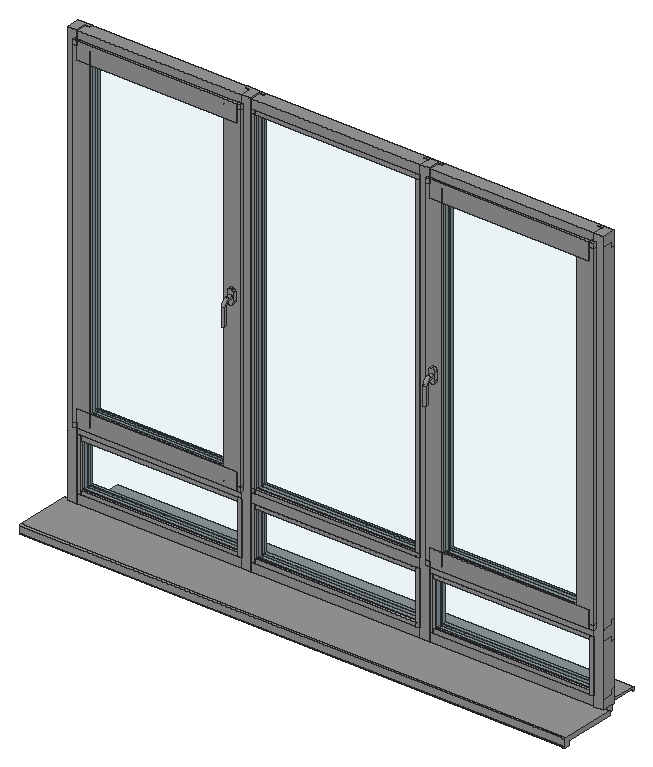
Revit family "deceuninck_okonniy_blok_trehstvorchatiy_s_nijnimi_framugami", category Окна, Revit 2016
Family settings
  Основа = Стена
  Номер OmniClass = 23.30.20.00
  Заголовок OmniClass = Windows
  Всегда вертикально = Да
  При загрузке вырезать с полостями = Нет
  Общий = Нет
  Точка расчета площади = Нет
Parameters (values of type "Энвин ЭКО-60")
  Ширина профиля = 60 mm
  Ширина проема [instance] = ADSK_Ширина рамы + Монтажный зазор.Левый + Монтажный зазор.Правый  # 2440 mm
  Шир прав створка [instance] = if(Одинковые створки, ADSK_Ширина рамы / 3, Створка правая.Ширина)  # 800 mm
  Шир лев створка [instance] = if(Одинковые створки, ADSK_Ширина рамы / 3, Створка левая.Ширина)  # 800 mm
  Четверть.Ширина [instance] = 65 mm
  Четверть.Правая [instance] = if(and(Четверть правая.Видимость, Четверть), Четверть.Ширина, 0 mm)  # 65 mm
  Четверть.Левая [instance] = if(and(Четверть левая.Видимость, Четверть), Четверть.Ширина, 0 mm)  # 65 mm
  Четверть.Глубина [instance] = 120 mm
  Четверть.Высота [instance] = 65 mm
  Четверть правая.Видимость [instance] = yes
  Четверть левая.Видимость [instance] = yes
  Четверть.Врхняя [instance] = if(Четверть, Четверть.Высота, 0 mm)  # 65 mm
  Четверть [instance] = yes
  Цвет профиля = ""
  Фрамуга нижняя.Высота [instance] = ADSK_Высота рамы - Створка.Высота  # 300 mm
  Формула стеклопакета = ""
  Толщина стеклопакета = "32"
  Стеклопакет.Толщина = 32 mm
  Створка.Высота [instance] = 1600 mm
  Створка центральная [instance] = stvorka : Глухая
  Створка правая.Ширина [instance] = 800 mm
  Створка правая [instance] = stvorka : Поворотная право
  Створка центральная.Ширина [instance] = ADSK_Ширина рамы - Шир прав створка - Шир лев створка  # 800 mm
  Створка левая.Ширина [instance] = 800 mm
  Створка левая [instance] = stvorka : Поворотная лево
  Система фурнитуры [instance] = ""
  Расчетное значение ветровой нагрузки [instance] = 400
  Рама.Окно.Ширина [instance] = 2400 mm
  Рама.Окно.Высота [instance] = 1900 mm
  Профильная система = "Энвин ЭКО 60"
  Проем.Окно.Ширина [instance] = 2440 mm
  Проем.Окно.Высота [instance] = 1955 mm
  Приточный клапан [instance] = no
  Watermarked By = ""
  Rough Width = 0 mm  # constant formula
  Rough Height = 0 mm  # constant formula
  Подоконник.Глубина [instance] = 0 mm
  Подоконник. Видимость [instance] = yes
  Подоконник [instance] = podokonnik : ПВХ 250
  Площаль элемента [instance] = ADSK_Ширина рамы * ADSK_Высота рамы / 1000000 mm  # 4.56 mm
  Отлив.Свес [instance] = 35 mm
  Отлив.Видимость [instance] = yes
  Откосы.Глубина [instance] = 310 mm
  Одинковые створки [instance] = no
  Огнестойкость = "Е-15"
  Наименование = "Окно 3-створчатое с фрамугами снизу Энвин ЭКО-60"
  Монтажный зазор.Спереди [instance] = 10 mm
  Монтажный зазор.Правый [instance] = if(Четверть правая.Видимость, Монтажный зазор.Боковой, 0 mm)  # 20 mm
  Монтажный зазор.Низ [instance] = 10 mm
  Монтажный зазор.Левый [instance] = if(Четверть левая.Видимость, Монтажный зазор.Боковой, 0 mm)  # 20 mm
  Монтажный зазор.Верх [instance] = 20 mm
  Монтажный зазор.Боковой = 20 mm
  Материал-Стеклопакет = none
  Материал-Рама = none
  Материал-Подоконник = ПВХ, белый
  Материал-Отлив = Лист оцинкованый, белый
  Класс профиля = "Тип В"
  Завод-изготовитель [instance] = "ООО Декёнинк Рус, Россия"  # constant formula
  ГОСТ = "ГОСТ 30673-2013"
  Высота профиля створки = 76 mm
  Высота профиля рамы = 62 mm
  Высота профиля имоста = 82 mm
  Высота проема [instance] = ADSK_Высота рамы + 25 mm + Монтажный зазор.Верх + Монтажный зазор.Низ  # 1955 mm
  Height = 1000 mm
  Высота подоконника по умолчанию = 800 mm
  Замыкание стены = По основе
  Width = 0 mm  # constant formula
  Артикул створки/армирование рстворки = "ZE 60D  /  AR1"
  Артикул рамы/армирование рамы = "LE 60D  /  AR1"
  Артикул импоста/армирование импоста = "TE 60D  /  20 x 35"
  Аналитическая конструкция = "<Нет>"
  λ краевой зоны стеклопакета = 0.0600 (m²·K)/W
  Rстеклопакета = 0.7600 (m²·K)/W
  Rпрофиля = 0.6800 (m²·K)/W
  Rпривед [instance] = 1 / (((Ширина профиля / 1000 mm) * (5.4 - 4 * (Ширина профиля / 1000 mm)) / (1.8 * Rпрофиля / Rед)) + ((1.2 - 2 * (Ширина профиля / 1000 mm)) * (1.5 - 2 * (Ширина профиля / 1000 mm)) / (1.8 * Rстеклопакета / Rед)) + (5.4 - 8 * (Ширина профиля / 1000 mm)) * (λ краевой зоны стеклопакета / Rед))  # 0.61064
  Rед = 1.0000 (m²·K)/W
  Iфактич [instance] = ""
  Iтреб [instance] = if(or(Шир лев створка > Шир прав створка, Шир лев створка = Шир прав створка), ((Расчетное значение ветровой нагрузки / 1000000) * ((ADSK_Высота рамы / 10) ^ 4) * (Шир лев створка / 20) / (1 mm * 1920 mm * 210000 mm * (ADSK_Высота рамы / 3000)) * (25 - (40 * ((Шир лев створка / ADSK_Высота рамы) ^ 2)) + (16 * ((Шир лев створка / ADSK_Высота рамы) ^ 4)))) + ((Расчетное значение ветровой нагрузки / 1000000) * ((ADSK_Высота рамы / 10) ^ 4) * (Створка центральная.Ширина / 20) / (1 mm * 1920 mm * 210000 mm * (ADSK_Высота рамы / 3000)) * (25 - (40 * ((Створка центральная.Ширина / ADSK_Высота рамы) ^ 2)) + (16 * ((Створка центральная.Ширина / ADSK_Высота рамы) ^ 4)))), ((Расчетное значение ветровой нагрузки / 1000000) * ((ADSK_Высота рамы / 10) ^ 4) * (Створка центральная.Ширина / 20) / (1 mm * 1920 mm * 210000 mm * (ADSK_Высота рамы / 3000)) * (25 - (40 * ((Створка центральная.Ширина / ADSK_Высота рамы) ^ 2)) + (16 * ((Створка центральная.Ширина / ADSK_Высота рамы) ^ 4)))) + ((Расчетное значение ветровой нагрузки / 1000000) * ((ADSK_Высота рамы / 10) ^ 4) * (Шир прав створка / 20) / (1 mm * 1920 mm * 210000 mm * (ADSK_Высота рамы / 3000)) * (25 - (40 * ((Шир прав створка / ADSK_Высота рамы) ^ 2)) + (16 * ((Шир прав створка / ADSK_Высота рамы) ^ 4)))))  # 3.007 mm
  ADSK_Ширина рамы [instance] = 2400 mm
  ADSK_Позиция [instance] = ""
  ADSK_Высота рамы [instance] = 1900 mm
Reference planes
  plane 1 "По центру (Вперед/Назад)": y = 0
  plane 2 "По центру (Влево/Вправо)": x = 0
  plane 3 "Подоконник": z = 800
  plane 4 "Наружный": y = 250
  plane 5 "Внутренние": y = -250
  plane 6: x = -1220
  plane 7: x = 1220
  plane 8: x = -1155
  plane 9: x = 1155
  plane 10: y = 130
  plane 11: z = 2700
  plane 12: x = -1200
  plane 13: x = 1200
  plane 14: z = 775
  plane 15: z = 2720
  plane 16: z = 765
  plane 17: z = 2655
  plane 18: y = 120
  plane 19: y = 60
  plane 20: x = -1138
  plane 21: x = 1138
  plane 22: z = 2638
  plane 23: z = 862
  plane 24: x = 400
  plane 25: x = 359
  plane 26: x = 441
  plane 27: y = 107
  plane 28: y = 70
  plane 29: y = 450
  plane 30: x = -400
  plane 31: x = -441
  plane 32: x = -359
  plane 33: z = 1100
Forms (mm)
  Extrusion 1, void
    sketch origin (0, -250, 0) x (1, 0, 0) y (0, 0, 1)
      loop
        line (-1220, 2720) -> (-1220, 765) -> (1220, 765) -> (1220, 2720) -> (-1220, 2720)
    from 0 to -380
  Extrusion 2, void
    sketch origin (-2200.521, 130, 1000) x (1, 0, 0) y (0, 0, 1)
      loop
        line (1045.521, 1655) -> (1045.521, -235) -> (3355.521, -235) -> (3355.521, 1655) -> (1045.521, 1655)
    from 0 to -320
  Extrusion 3, solid, material <- "Материал-Рама", detail levels fine
    sketch origin (0, 0, 800) x (0, -1, 0) y (-1, 0, 0)
      loop
        line (-120, 1200) -> (-120, 1138) -> (-107, 1138) -> (-107, 1158) -> (-60, 1158) -> (-60, 1200) -> (-120, 1200)
      loop
        line (-120, -1138) -> (-120, -1200) -> (-60, -1200) -> (-60, -1158) -> (-107, -1158) -> (-107, -1138) -> (-120, -1138)
    from 0 to -1900
  Extrusion 4, solid, material <- "Материал-Рама", detail levels fine
    sketch origin (-750, 0, 0) x (0, -1, 0) y (0, 0, 1)
      loop
        line (-60, 800) -> (-60, 842) -> (-107, 842) -> (-107, 862) -> (-120, 862) -> (-120, 800) -> (-60, 800)
      loop
        line (-60, 2658) -> (-60, 2700) -> (-120, 2700) -> (-120, 2638) -> (-107, 2638) -> (-107, 2658) -> (-60, 2658)
    from 450 to -1950
  Extrusion 5, solid, material <- "Материал-Рама", detail levels fine
    sketch origin (0, 0, 800) x (0, -1, 0) y (-1, 0, 0)
      loop
        line (-120, -359) -> (-120, -441) -> (-107, -441) -> (-107, -421) -> (-60, -421) -> (-60, -379) -> (-107, -379) -> (-107, -359) -> (-120, -359)
    from 0 to -1900
  Extrusion 6, solid, material <- "Материал-Рама"
    sketch origin (-233.865, 107, 2257) x (0, 0, 1) y (-1, 0, 0)
      loop
        line (-1457, 966.135) -> (-1482, 966.135) -> (-1482, -1433.865) -> (-1457, -1433.865) -> (-1457, 966.135)
    from 0 to 37
  Extrusion 7, solid, material "Лист оцинкованый, белый" <- "Материал-Отлив", visible <- "Отлив.Видимость", detail levels fine
    sketch origin (1155, 531.754, 1000) x (0, 1, 0) y (0, 0, 1)
      loop
        line (-424.754, -225) -> (-251.754, -225) -> (-251.754, -235) -> (-246.754, -235) -> (-246.754, -220) -> (-424.754, -215) -> (-424.754, -225)
    from 0 to -2310
  Extrusion 8, solid, detail levels medium
    sketch origin (0, 0, 800) x (0, -1, 0) y (-1, 0, 0)
      loop
        line (-120, 1200) -> (-120, 1138) -> (-60, 1138) -> (-60, 1200) -> (-120, 1200)
      loop
        line (-120, -1200) -> (-60, -1200) -> (-60, -1138) -> (-120, -1138) -> (-120, -1200)
    from 0 to -1900
  Extrusion 9, solid, detail levels medium
    sketch origin (-750, 0, 0) x (0, -1, 0) y (0, 0, 1)
      loop
        line (-120, 2700) -> (-120, 2638) -> (-60, 2638) -> (-60, 2700) -> (-120, 2700)
      loop
        line (-60, 800) -> (-60, 862) -> (-120, 862) -> (-120, 800) -> (-60, 800)
    from -1950 to 450
  Extrusion 10, solid, detail levels coarse
    sketch origin (-750, 0, 0) x (0, -1, 0) y (0, 0, 1)
      loop
        line (-120, 2590) -> (-47, 2590) -> (-47, 2700) -> (-120, 2700) -> (-120, 2590)
      loop
        line (-47, 800) -> (-47, 911) -> (-120, 911) -> (-120, 800) -> (-47, 800)
      loop
        line (-47, 1189) -> (-120, 1189) -> (-120, 1011) -> (-47, 1011) -> (-47, 1189)
    from -1950 to 450
  Extrusion 11, solid, detail levels medium
    sketch origin (0, 0, 800) x (0, -1, 0) y (-1, 0, 0)
      loop
        line (-120, -379) -> (-120, -421) -> (-60, -421) -> (-60, -379) -> (-120, -379)
    from 0 to -1900
  Extrusion 12, solid, detail levels fine
    sketch origin (0, 0, 800) x (0, -1, 0) y (-1, 0, 0)
      loop
        line (-120, 441) -> (-120, 359) -> (-107, 359) -> (-107, 379) -> (-60, 379) -> (-60, 421) -> (-107, 421) -> (-107, 441) -> (-120, 441)
    from 0 to -1900
  Extrusion 13, solid, detail levels medium
    sketch origin (0, 0, 0) x (1, 0, 0) y (0, 1, 0)
      loop
        line (-421, 120) -> (-421, 60) -> (-379, 60) -> (-379, 120) -> (-421, 120)
    from 800 to 2700
  Extrusion 14, solid, detail levels coarse
    sketch origin (0, 0, 0) x (1, 0, 0) y (0, 1, 0)
      loop
        line (310, 120) -> (310, 47) -> (490, 47) -> (490, 120) -> (310, 120)
    from 800 to 2700
  Extrusion 15, solid, detail levels coarse
    sketch origin (0, 0, 0) x (1, 0, 0) y (0, 1, 0)
      loop
        line (-490, 120) -> (-490, 47) -> (-310, 47) -> (-310, 120) -> (-490, 120)
    from 800 to 2700
  Extrusion 16, solid, detail levels coarse
    sketch origin (0, 0, 0) x (1, 0, 0) y (0, 1, 0)
      loop
        line (-1200, 120) -> (-1200, 47) -> (-1089, 47) -> (-1089, 120) -> (-1200, 120)
      loop
        line (1089, 120) -> (1089, 47) -> (1200, 47) -> (1200, 120) -> (1089, 120)
    from 800 to 2700
  Extrusion 17, solid, detail levels medium+fine
    sketch origin (0, 0, 0) x (0, -1, 0) y (0, 0, 1)
      loop
        line (-120, 1059) -> (-107, 1059) -> (-107, 1079) -> (-60, 1079) -> (-60, 1121) -> (-107, 1121) -> (-107, 1141) -> (-120, 1141) -> (-120, 1059)
    from -1200 to 1200
  Extrusion 18, solid, detail levels medium
    sketch origin (-750, 0, 0) x (0, -1, 0) y (0, 0, 1)
      loop
        line (-60, 1121) -> (-120, 1121) -> (-120, 1079) -> (-60, 1079) -> (-60, 1121)
    from -1950 to 450
Lines and regions (mm)
  symbolic lines, style "Windows"
    curve 1: line (-1200, 130, 0) -> (1200, 130, 0)
Text (mm)
  text "Наружный" at (0, 923.751, 2943.296), in view "Справа"
  text "Наружный" at (0, 1040.484, 2685.409), in view "Слева"
Dimensions and locks
  "Высота подоконника по умолчанию": plane 3 "Подоконник" to level
  locked: plane 4 "Наружный" to host wall at 0
  locked: plane 5 "Внутренние" to host wall
  "Четверть.Глубина": plane 10 to plane 4 "Наружный"
  "ADSK_Высота рамы": plane 11 to plane 3 "Подоконник"
  "Монтажный зазор.Верх": plane 15 to plane 11
  locked: plane 3 "Подоконник" to plane 14 at 25
  "Монтажный зазор.Низ": plane 14 to plane 16
  "Четверть.Врхняя": plane 15 to plane 17
  equal spacing: plane 13, plane 2 "По центру (Влево/Вправо)", plane 12
  "ADSK_Ширина рамы": plane 13 to plane 12
  "Четверть.Левая": plane 8 to plane 6
  "Четверть.Правая": plane 7 to plane 9
  "Монтажный зазор.Левый": plane 12 to plane 6
  "Монтажный зазор.Правый": plane 13 to plane 7
  "Монтажный зазор.Спереди": plane 10 to plane 18
  "Ширина профиля": plane 18 to plane 19
  "Высота профиля рамы": plane 12 to plane 20
  locked: Extrusion 3 sketch curve to Extrusion 3 sketch curve at 13  (x2)
  locked: Extrusion 3 sketch curve to Extrusion 3 sketch curve at 20  (x2)
  "Высота профиля рамы": plane 21 to plane 13
  "Высота профиля рамы": plane 11 to plane 22
  "Высота профиля рамы": plane 3 "Подоконник" to plane 23
  locked: Extrusion 4 sketch curve to Extrusion 4 sketch curve at 13  (x2)
  locked: Extrusion 4 sketch curve to Extrusion 4 sketch curve at 20  (x2)
  equal spacing: plane 25, plane 24, plane 26
  "Высота профиля имоста": plane 25 to plane 26
  locked: Extrusion 5 sketch curve to plane 26 at 20
  locked: plane 25 to Extrusion 5 sketch curve at 20
  locked: plane 18 to plane 27 at 13
  locked: plane 28 to plane 19 at 10
  locked: Extrusion 7 sketch curve to Extrusion 7 sketch curve at 5  (x2)
  locked: Extrusion 7 sketch curve to Extrusion 7 sketch curve at 10
  "Отлив.Свес": Extrusion 7 to plane 4 "Наружный"
  locked: plane 4 "Наружный" to plane 29 at 200
  "Шир лев створка": plane 30 to plane 12
  equal spacing: plane 31, plane 30, plane 32
  "Высота профиля имоста": plane 31 to plane 32
  locked: Extrusion 12 sketch curve to Extrusion 12 sketch curve at 20  (x2)
  "Шир прав створка": plane 24 to plane 13
  "Откосы.Глубина": plane 19 to plane 5 "Внутренние"
  locked: Extrusion 17 sketch curve to Extrusion 17 sketch curve at 20  (x2)
  "Высота профиля имоста": Extrusion 17 sketch curve to Extrusion 17 sketch curve
  equal spacing: Extrusion 17 sketch curve, plane 33, Extrusion 17 sketch curve
  "Створка.Высота": plane 11 to plane 33
  "Проем.Окно.Высота": plane 15 to plane 16
  "Рама.Окно.Высота": plane 11 to plane 3 "Подоконник"
  "Проем.Окно.Ширина": plane 7 to plane 6
  "Рама.Окно.Ширина": plane 12 to plane 13
  aligned and locked: Extrusion 1 sketch curve to plane 15
  aligned and locked: Extrusion 1 sketch curve to plane 6
  aligned and locked: Extrusion 1 sketch curve to plane 7
  aligned and locked: Extrusion 1 sketch curve to plane 16
  aligned and locked: plane 10 to Extrusion 1
  aligned and locked: Extrusion 2 sketch curve to plane 17
  aligned and locked: Extrusion 2 sketch curve to plane 8
  aligned and locked: Extrusion 2 sketch curve to plane 9
  aligned and locked: Extrusion 2 sketch curve to plane 16
  aligned and locked: Extrusion 3 sketch curve to plane 18
  aligned and locked: Extrusion 3 sketch curve to plane 19
  aligned and locked: Extrusion 3 sketch curve to plane 20
  aligned and locked: Extrusion 3 sketch curve to plane 12
  aligned and locked: plane 18 to Extrusion 3 sketch curve
  aligned and locked: plane 19 to Extrusion 3 sketch curve
  aligned and locked: Extrusion 3 sketch curve to plane 13
  aligned and locked: Extrusion 3 sketch curve to plane 21
  aligned and locked: plane 11 to Extrusion 3
  aligned and locked: Extrusion 4 sketch curve to plane 19  (x2)
  aligned and locked: Extrusion 4 sketch curve to plane 18  (x2)
  aligned and locked: Extrusion 4 sketch curve to plane 23
  aligned and locked: Extrusion 4 sketch curve to plane 3 "Подоконник"
  aligned and locked: Extrusion 4 sketch curve to plane 22
  aligned and locked: Extrusion 4 sketch curve to plane 11
  aligned and locked: Extrusion 4 to plane 13
  aligned and locked: Extrusion 4 to plane 12
  aligned and locked: Extrusion 5 sketch curve to plane 18
  aligned and locked: Extrusion 5 sketch curve to plane 19
  aligned and locked: plane 11 to Extrusion 5
  aligned and locked: Extrusion 6 sketch curve to plane 12
  aligned and locked: Extrusion 6 sketch curve to plane 3 "Подоконник"
  aligned and locked: Extrusion 6 sketch curve to plane 14
  aligned and locked: plane 13 to Extrusion 6 sketch curve
  aligned and locked: plane 28 to Extrusion 6
  aligned and locked: nested 1 to plane 3 "Подоконник"
  aligned and locked: plane 28 to nested 1
  aligned and locked: nested 1 to plane 2 "По центру (Влево/Вправо)"
  aligned and locked: plane 14 to Extrusion 7 sketch curve
  aligned and locked: Extrusion 7 to plane 8
  aligned and locked: plane 27 to Extrusion 7 sketch curve
  aligned and locked: plane 29 to Extrusion 2
  aligned and locked: curve 1 to plane 10
  aligned and locked: plane 11 to Extrusion 8
  aligned and locked: Extrusion 9 sketch curve to plane 11
  aligned and locked: Extrusion 9 sketch curve to plane 22
  aligned and locked: Extrusion 9 sketch curve to plane 19  (x2)
  aligned and locked: Extrusion 9 sketch curve to plane 18  (x2)
  aligned and locked: Extrusion 9 sketch curve to plane 3 "Подоконник"
  aligned and locked: Extrusion 9 sketch curve to plane 23
  aligned and locked: Extrusion 9 to plane 13
  aligned and locked: Extrusion 8 sketch curve to plane 20
  aligned and locked: Extrusion 8 sketch curve to plane 19  (x2)
  aligned and locked: Extrusion 8 sketch curve to plane 12
  aligned and locked: plane 13 to Extrusion 8 sketch curve
  aligned and locked: plane 21 to Extrusion 8 sketch curve
  aligned and locked: Extrusion 10 sketch curve to plane 18  (x2)
  aligned and locked: Extrusion 10 sketch curve to plane 11
  aligned and locked: Extrusion 10 sketch curve to plane 3 "Подоконник"
  aligned and locked: Extrusion 10 to plane 13
  aligned and locked: Extrusion 8 sketch curve to plane 18  (x2)
  aligned and locked: Extrusion 11 sketch curve to Extrusion 5  (x3)
  aligned and locked: plane 11 to Extrusion 11
  aligned and locked: Extrusion 10 to plane 12
  aligned and locked: Extrusion 9 to plane 12
  aligned and locked: Extrusion 12 sketch curve to plane 18
  aligned and locked: Extrusion 12 sketch curve to plane 19
  aligned and locked: Extrusion 12 sketch curve to plane 32
  aligned and locked: Extrusion 12 sketch curve to plane 31
  aligned and locked: Extrusion 12 sketch curve to plane 27  (x2)
  aligned and locked: plane 3 "Подоконник" to Extrusion 12
  aligned and locked: plane 3 "Подоконник" to Extrusion 5
  aligned and locked: plane 11 to Extrusion 12
  aligned and locked: Extrusion 13 sketch curve to Extrusion 12  (x3)
  aligned and locked: Extrusion 12 to Extrusion 13 sketch curve
  aligned and locked: plane 11 to Extrusion 13
  aligned and locked: plane 3 "Подоконник" to Extrusion 13
  aligned and locked: Extrusion 14 sketch curve to plane 18
  aligned and locked: Extrusion 10 to Extrusion 14 sketch curve
  aligned and locked: Extrusion 10 to Extrusion 15 sketch curve
  aligned and locked: Extrusion 15 sketch curve to plane 18
  aligned and locked: plane 11 to Extrusion 15
  aligned and locked: plane 3 "Подоконник" to Extrusion 15
  aligned and locked: plane 3 "Подоконник" to Extrusion 14
  aligned and locked: plane 11 to Extrusion 14
  aligned and locked: Extrusion 16 sketch curve to plane 12
  aligned and locked: Extrusion 16 sketch curve to plane 18  (x2)
  aligned and locked: Extrusion 16 sketch curve to Extrusion 10
  aligned and locked: Extrusion 10 to Extrusion 16 sketch curve
  aligned and locked: plane 13 to Extrusion 16 sketch curve
  aligned and locked: plane 11 to Extrusion 16
  aligned and locked: plane 3 "Подоконник" to Extrusion 16
  aligned and locked: plane 27 to nested 2
  aligned and locked: Extrusion 3 to nested 2
  aligned and locked: nested 2 to Extrusion 13
  aligned and locked: plane 27 to nested 3
  aligned and locked: Extrusion 13 to nested 3
  aligned and locked: nested 3 to Extrusion 11
  aligned and locked: plane 27 to nested 4
  aligned and locked: Extrusion 11 to nested 4
  aligned and locked: nested 4 to Extrusion 3
  aligned and locked: Extrusion 17 to plane 13
  aligned and locked: Extrusion 17 to plane 12
  aligned and locked: Extrusion 18 to plane 12
  aligned and locked: Extrusion 18 to plane 13
  aligned and locked: Extrusion 17 sketch curve to plane 27
  aligned and locked: plane 27 to Extrusion 17 sketch curve
  aligned and locked: Extrusion 17 sketch curve to plane 18
  aligned and locked: Extrusion 17 sketch curve to plane 19
  aligned and locked: Extrusion 18 sketch curve to Extrusion 17  (x3)
  aligned and locked: Extrusion 17 to Extrusion 18 sketch curve
  aligned and locked: nested 4 to Extrusion 17
  aligned and locked: nested 2 to Extrusion 17
  aligned and locked: nested 3 to Extrusion 17
  aligned and locked: nested 5 to Extrusion 17
  aligned and locked: nested 5 to Extrusion 4
  aligned and locked: plane 27 to nested 5
  aligned and locked: nested 5 to Extrusion 13
  aligned and locked: Extrusion 3 to nested 5
  aligned and locked: Extrusion 13 to nested 6
  aligned and locked: nested 6 to Extrusion 11
  aligned and locked: nested 6 to Extrusion 17
  aligned and locked: nested 6 to Extrusion 4
  aligned and locked: plane 27 to nested 6
  aligned and locked: Extrusion 11 to nested 7
  aligned and locked: nested 7 to Extrusion 3
  aligned and locked: nested 7 to Extrusion 17
  aligned and locked: nested 7 to Extrusion 4
  aligned and locked: plane 27 to nested 7
  aligned and locked: nested 2 to Extrusion 10 sketch curve
  aligned and locked: Extrusion 10 sketch curve to nested 5  (x2)
  aligned and locked: nested 2 to Extrusion 4
  aligned and locked: nested 3 to Extrusion 4
  aligned and locked: nested 4 to Extrusion 4
  aligned and locked: Extrusion 10 sketch curve to nested 2
Automatic sketch dimensions
  host wall to Extrusion 7 sketch curve = 30 mm
  Extrusion 7 sketch curve to Extrusion 7 sketch curve = 10 mm
  Extrusion 5 sketch curve to plane 26 = 0 mm
  plane 27 to Extrusion 5 sketch curve = 0 mm  (x2)
  Extrusion 5 sketch curve to plane 25 = 0 mm
  curve 1 to plane 12 = 0 mm
  curve 1 to plane 13 = 0 mm
  Extrusion 10 sketch curve to plane 18 = 0 mm
  Extrusion 10 sketch curve to plane 19 = 13 mm  (x2)
  plane 23 to Extrusion 10 sketch curve = 49 mm
  Extrusion 11 sketch curve to plane 18 = 0 mm
  Extrusion 14 sketch curve to plane 25 = 49 mm
  plane 26 to Extrusion 14 sketch curve = 49 mm
  Extrusion 15 sketch curve to plane 31 = 49 mm
  plane 32 to Extrusion 15 sketch curve = 49 mm
  plane 20 to Extrusion 16 sketch curve = 49 mm
  plane 21 to Extrusion 16 sketch curve = 49 mm
  Extrusion 17 sketch curve to plane 33 = 41 mm
Nested families
  nested 1: "podokonnik" at (0, 70, 800), Материал-Подоконник <- "Материал-Подоконник", Длина подоконника <- "Ширина проема", type <- "Подоконник", visible <- "Подоконник. Видимость", type "ПВХ 250", detail levels fine
    with Материал-Подоконник ПВХ, белый, Длина подоконника 2440 mm
  nested 2: "stvorka" at (-789.5, 107, 1121), Профиль.Ширина <- "Ширина профиля", Стеклопакет.Толщина <- "Стеклопакет.Толщина", type <- "Створка левая", Профиль.Высота <- "Высота профиля створки", type "Поворотная лево"
    with Стеклопакет.Толщина 32 mm, Створка.Ширина 737 mm, Створка.Высота 1537 mm, Ручка.Расстояние от низа створки 768.5 mm, Профиль.Ширина 60 mm, Профиль.Высота 76 mm, Материал.Профиль none
  nested 3: "stvorka" at (0, 107, 1121), Профиль.Ширина <- "Ширина профиля", Стеклопакет.Толщина <- "Стеклопакет.Толщина", type <- "Створка центральная", Профиль.Высота <- "Высота профиля створки", type "Глухая"
    with Стеклопакет.Толщина 32 mm, Створка.Ширина 758 mm, Створка.Высота 1537 mm, Ручка.Расстояние от низа створки 768.5 mm, Профиль.Ширина 60 mm, Профиль.Высота 76 mm, Материал.Профиль none
  nested 4: "stvorka" at (789.5, 107, 1121), Профиль.Ширина <- "Ширина профиля", Стеклопакет.Толщина <- "Стеклопакет.Толщина", type <- "Створка правая", Профиль.Высота <- "Высота профиля створки", type "Поворотная право"
    with Стеклопакет.Толщина 32 mm, Створка.Ширина 737 mm, Створка.Высота 1537 mm, Ручка.Расстояние от низа створки 768.5 mm, Профиль.Ширина 60 mm, Профиль.Высота 76 mm, Материал.Профиль none
  nested 5: "stvorka" at (-789.5, 107, 842), Профиль.Ширина <- "Ширина профиля", Стеклопакет.Толщина <- "Стеклопакет.Толщина", Профиль.Высота <- "Высота профиля створки", type "Глухая"
    with Стеклопакет.Толщина 32 mm, Створка.Ширина 737 mm, Створка.Высота 237 mm, Ручка.Расстояние от низа створки 118.5 mm, Профиль.Ширина 60 mm, Профиль.Высота 76 mm, Материал.Профиль none
  nested 6: "stvorka" at (0, 107, 842), Профиль.Ширина <- "Ширина профиля", Стеклопакет.Толщина <- "Стеклопакет.Толщина", Профиль.Высота <- "Высота профиля створки", type "Глухая"
    with Стеклопакет.Толщина 32 mm, Створка.Ширина 758 mm, Створка.Высота 237 mm, Ручка.Расстояние от низа створки 118.5 mm, Профиль.Ширина 60 mm, Профиль.Высота 76 mm, Материал.Профиль none
  nested 7: "stvorka" at (789.5, 107, 842), Профиль.Ширина <- "Ширина профиля", Стеклопакет.Толщина <- "Стеклопакет.Толщина", Профиль.Высота <- "Высота профиля створки", type "Глухая"
    with Стеклопакет.Толщина 32 mm, Створка.Ширина 737 mm, Створка.Высота 237 mm, Ручка.Расстояние от низа створки 118.5 mm, Профиль.Ширина 60 mm, Профиль.Высота 76 mm, Материал.Профиль none
Definition of nested family "podokonnik"
  Parameters (values of type "ПВХ 150")
    Материал-Подоконник [instance] = none
    Длина подоконника [instance] = 1500 mm
    Глубина подоконника = 150 mm
    Watermarked By = ""
    Type Comments = "﻿﻿             ﻿     ﻿                                                          ﻿   ​ ﻿             ​ ﻿   ﻿ ﻿                    ​ ​     ​ ​​  ​ ​     ​   ​ ​ ​​         ﻿ ﻿﻿"
    Keynote = "﻿﻿             ﻿     ﻿                                                          ﻿   ​ ﻿             ​ ﻿   ﻿ ﻿                    ​ ​     ​ ​​  ​ ​     ​   ​ ​ ​​         ﻿ ﻿﻿"
    Description = "﻿﻿             ﻿     ﻿                                                          ﻿   ​ ﻿             ​ ﻿   ﻿ ﻿                    ​ ​     ​ ​​  ​ ​     ​   ​ ​ ​​         ﻿ ﻿﻿"
    Assembly Code = "﻿﻿             ﻿     ﻿                                                          ﻿   ​ ﻿             ​ ﻿   ﻿ ﻿                    ​ ​     ​ ​​  ​ ​     ​   ​ ​ ​​         ﻿ ﻿﻿"
  Types (13, lengths in mm): name | Глубина подоконника
    ПВХ 100 | 100
    ПВХ 150 | 150
    ПВХ 200 | 200
    ПВХ 250 | 250
    ПВХ 300 | 300
    ПВХ 350 | 350
    ПВХ 400 | 400
    ПВХ 450 | 450
    ПВХ 500 | 500
    ПВХ 550 | 550
    ПВХ 600 | 600
    ПВХ 650 | 650
    ПВХ 700 | 700
  Reference planes
    plane 1 "По центру (Вперед/Назад)": y = 0
    plane 2: z = 0
    plane 3 "По центру (Влево/Вправо)": x = 0
    plane 4: y = -150
    plane 5: x = 750
    plane 6: x = -750
  Forms (mm)
    Extrusion 1, solid, material <- "Материал-Подоконник"
      sketch origin (0, 0, 0) x (0, 1, 0) y (0, 0, 1)
        loop
          line (0, 0) -> (-146, 0)
          arc (-146, 0) -> (-148.828, -1.172) -> (-150, -4) r 4
          line (-150, -4) -> (-150, -36)
          arc (-150, -36) -> (-148.828, -38.828) -> (-146, -40) r 4
          line (-146, -40) -> (-130, -40) -> (-130, -20) -> (0, -20) -> (0, 0)
      from -750 to 750
  Dimensions and locks
    "Глубина подоконника": plane 1 "По центру (Вперед/Назад)" to plane 4
    equal spacing: plane 6, plane 3 "По центру (Влево/Вправо)", plane 5
    "Длина подоконника": plane 6 to plane 5
    aligned and locked: level to plane 2
    aligned and locked: plane 2 to Extrusion 1 sketch curve
    aligned and locked: plane 4 to Extrusion 1 sketch curve  (x2)
    aligned and locked: plane 5 to Extrusion 1
    aligned and locked: Extrusion 1 to plane 6
  Automatic sketch dimensions
    Extrusion 1 sketch curve to plane 1 "По центру (Вперед/Назад)" = 0 mm
    Extrusion 1 sketch curve to level = 20 mm
    Extrusion 1 sketch curve to level = 4 mm
    Extrusion 1 sketch curve to Extrusion 1 sketch curve = 16 mm  (x2)
    Extrusion 1 sketch curve to Extrusion 1 sketch curve = 4 mm
Definition of nested family "stvorka"
  Parameters (values of type "Поворотно-откидная лево")
    Стеклопакет.Толщина [instance] = 32 mm
    Створка.Ширина [instance] = 700 mm
    Створка.Открытие = not(Створка.Глухая)  # yes
    Створка.Высота [instance] = 1400 mm
    Ручка.Расстояние от низа створки [instance] = Створка.Высота / 2  # 700 mm
    Ручка справа = yes
    Ручка снизу = no
    Ручка слева = no
    Ручка сверху. = no
    Профиль.Ширина [instance] = 58 mm
    Профиль.Высота [instance] = 77 mm
    Открывание правое = no
    Открывание низ = no
    Открывание левое = yes
    Открывание верх = yes
    Створка.Глухая = no
    Материал.Стеклопакет = none
    Материал.Профиль [instance] = none
    Watermarked By = ""
    Type Comments = "﻿﻿             ﻿     ﻿                                                          ﻿   ​ ﻿             ​ ﻿   ﻿ ﻿                    ​ ​     ​ ​​  ​ ​     ​   ​ ​ ​​         ﻿ ﻿﻿"
    Keynote = "﻿﻿             ﻿     ﻿                                                          ﻿   ​ ﻿             ​ ﻿   ﻿ ﻿                    ​ ​     ​ ​​  ​ ​     ​   ​ ​ ​​         ﻿ ﻿﻿"
    Description = "﻿﻿             ﻿     ﻿                                                          ﻿   ​ ﻿             ​ ﻿   ﻿ ﻿                    ​ ​     ​ ​​  ​ ​     ​   ​ ​ ​​         ﻿ ﻿﻿"
    Assembly Code = "﻿﻿             ﻿     ﻿                                                          ﻿   ​ ﻿             ​ ﻿   ﻿ ﻿                    ​ ​     ​ ​​  ​ ​     ​   ​ ​ ​​         ﻿ ﻿﻿"
    Analytic Construction = "<Нет>"
  Types (5, lengths in mm): name | Створка.Ширина | Створка.Открытие | Створка.Высота | Ручка.Расстояние от низа створки | Ручка справа | Ручка слева | Открывание правое | Открывание левое | Открывание верх | Створка.Глухая
    Глухая | 600 | no | 1500 | 750 | no | no | no | no | no | yes
    Поворотная право | 600 | yes | 1500 | 750 | no | yes | yes | no | no | no
    Поворотная лево | 600 | yes | 1500 | 750 | yes | no | no | yes | no | no
    Поворотно-откидная право | 600 | yes | 1500 | 750 | no | yes | yes | no | yes | no
    Поворотно-откидная лево | 700 | yes | 1400 | 700 | yes | no | no | yes | yes | no
  Reference planes
    plane 1 "По центру (Вперед/Назад)": y = 0
    plane 2: z = 0
    plane 3 "По центру (Влево/Вправо)": x = 0
    plane 4: x = -338
    plane 5: x = 338
    plane 6: y = -58
    plane 7: z = 1400
    plane 8: y = -16
    plane 9: y = -48
    plane 10: y = -51
    plane 11: x = -350
    plane 12: x = 350
    plane 13: z = 12
    plane 14: z = -8
    plane 15: z = 1408
    plane 16: z = 1388
    plane 17: z = 700
    plane 18: x = -358
    plane 19: x = -281
    plane 20: x = 358
    plane 21: x = 281
    plane 22: z = 1331
    plane 23: z = 69
    plane 24: z = 700
  Forms (mm)
    Extrusion 1, solid, material <- "Материал.Профиль", visible <- "Створка.Открытие", detail levels fine
      sketch origin (0, 0, 0) x (1, 0, 0) y (0, 1, 0)
        loop
          line (-338, 0) -> (-338, -45) -> (-358, -45) -> (-358, -58) -> (-281, -58) -> (-281, -51) -> (-301, -51) -> (-301, -13) -> (-281, -13) -> (-284, 0) -> (-338, 0)
        loop
          line (338, 0) -> (284, 0) -> (281, -13) -> (301, -13) -> (301, -51) -> (281, -51) -> (281, -58) -> (358, -58) -> (358, -45) -> (338, -45) -> (338, 0)
      from 12 to 1388
    Extrusion 2, solid, visible <- "Створка.Открытие", detail levels fine
      sketch origin (0, 0, 0) x (1, 0, 0) y (0, 1, 0)
        loop
          line (-301, -13) -> (-301, -51) -> (-281, -51) -> (-281, -48) -> (-291, -48) -> (-291, -16) -> (-281, -16) -> (-281, -13) -> (-301, -13)
        loop
          line (301, -13) -> (281, -13) -> (281, -16) -> (291, -16) -> (291, -48) -> (281, -48) -> (281, -51) -> (301, -51) -> (301, -13)
      from 49 to 1351
    Extrusion 3, solid, material <- "Материал.Профиль", visible <- "Створка.Открытие", detail levels fine
      sketch origin (0, 0, 12) x (0, 1, 0) y (0, 0, 1)
        loop
          line (-58, 57) -> (-58, -20) -> (-45, -20) -> (-45, 0) -> (0, 0) -> (0, 54) -> (-13, 57) -> (-13, 37) -> (-51, 37) -> (-51, 57) -> (-58, 57)
        loop
          line (-58, 1319) -> (-51, 1319) -> (-51, 1339) -> (-13, 1339) -> (-13, 1319) -> (0, 1322) -> (0, 1376) -> (-45, 1376) -> (-45, 1396) -> (-58, 1396) -> (-58, 1319)
      from -338 to 338
    Extrusion 4, solid, visible <- "Створка.Открытие", detail levels fine
      sketch origin (0, 0, 0) x (0, 1, 0) y (0, 0, 1)
        loop
          line (-16, 69) -> (-16, 59) -> (-48, 59) -> (-48, 69) -> (-51, 69) -> (-51, 49) -> (-13, 49) -> (-13, 69) -> (-16, 69)
        loop
          line (-51, 1351) -> (-51, 1331) -> (-48, 1331) -> (-48, 1341) -> (-16, 1341) -> (-16, 1331) -> (-13, 1331) -> (-13, 1351) -> (-51, 1351)
      from -301 to 301
    Extrusion 5, solid, material <- "Материал.Профиль", visible <- "Створка.Открытие", detail levels fine
      sketch origin (-963, -48, 1200) x (-1, 0, 0) y (0, 0, 1)
        loop
          line (-605, 208) -> (-625, 208) -> (-625, 188) -> (-605, 188) -> (-605, 208)
        loop
          line (-1301, 208) -> (-1321, 208) -> (-1321, 188) -> (-1301, 188) -> (-1301, 208)
        loop
          line (-625, -1188) -> (-625, -1208) -> (-605, -1208) -> (-605, -1188) -> (-625, -1188)
        loop
          line (-1321, -1188) -> (-1321, -1208) -> (-1301, -1208) -> (-1301, -1188) -> (-1321, -1188)
      from 3 to -10
    Extrusion 6, solid, material <- "Материал.Стеклопакет", visible <- "Створка.Открытие"
      sketch origin (0, -16, 59) x (0, -1, 0) y (1, 0, 0)
        loop
          line (0, 291) -> (0, -291) -> (32, -291) -> (32, 291) -> (0, 291)
      from 0 to 1282
    Extrusion 7, solid, material <- "Материал.Профиль", visible <- "Створка.Открытие", detail levels medium
      sketch origin (0, 0, 0) x (1, 0, 0) y (0, 1, 0)
        loop
          line (-281, 0) -> (-358, 0) -> (-358, -58) -> (-281, -58) -> (-281, 0)
        loop
          line (358, 0) -> (281, 0) -> (281, -58) -> (358, -58) -> (358, 0)
      from 12 to 1388
    Extrusion 8, solid, material <- "Материал.Профиль", visible <- "Створка.Открытие", detail levels medium
      sketch origin (0, 0, 0) x (0, 1, 0) y (0, 0, 1)
        loop
          line (0, 1408) -> (-58, 1408) -> (-58, 1331) -> (0, 1331) -> (0, 1408)
        loop
          line (0, 69) -> (-58, 69) -> (-58, -8) -> (0, -8) -> (0, 69)
      from -358 to 358
    Extrusion 9, solid, material <- "Материал.Профиль", visible <- "Створка.Глухая", detail levels fine
      sketch origin (0, 0, 0) x (0, 1, 0) y (0, 0, 1)
        loop
          line (-45, 1400) -> (-45, 1383) -> (-38, 1380) -> (-38, 1400) -> (-45, 1400)
        loop
          line (-45, 0) -> (-38, 0) -> (-38, 20) -> (-45, 17) -> (-45, 0)
      from -350 to 350
    Extrusion 10, solid, visible <- "Створка.Глухая", detail levels fine
      sketch origin (0, 0, 0) x (0, 1, 0) y (0, 0, 1)
        loop
          line (0, 1400) -> (-38, 1400) -> (-38, 1380) -> (-35, 1380) -> (-35, 1390) -> (-3, 1390) -> (-3, 1380) -> (0, 1380) -> (0, 1400)
        loop
          line (0, 0) -> (0, 20) -> (-3, 20) -> (-3, 10) -> (-35, 10) -> (-35, 20) -> (-38, 20) -> (-38, 0) -> (0, 0)
      from -350 to 350
    Extrusion 11, solid, visible <- "Створка.Глухая", detail levels fine
      sketch origin (0, 0, 0) x (1, 0, 0) y (0, 1, 0)
        loop
          line (-350, 0) -> (-350, -38) -> (-330, -38) -> (-330, -35) -> (-340, -35) -> (-340, -3) -> (-330, -3) -> (-330, 0) -> (-350, 0)
        loop
          line (350, 0) -> (330, 0) -> (330, -3) -> (340, -3) -> (340, -35) -> (330, -35) -> (330, -38) -> (350, -38) -> (350, 0)
      from 0 to 1400
    Extrusion 12, solid, material <- "Материал.Профиль", visible <- "Створка.Глухая", detail levels fine
      sketch origin (0, 0, 0) x (1, 0, 0) y (0, 1, 0)
        loop
          line (-350, -38) -> (-350, -45) -> (-333, -45) -> (-330, -38) -> (-350, -38)
        loop
          line (350, -38) -> (330, -38) -> (333, -45) -> (350, -45) -> (350, -38)
      from 0 to 1400
    Extrusion 13, solid, material <- "Материал.Стеклопакет", visible <- "Створка.Глухая"
      sketch origin (0, 0, 0) x (1, 0, 0) y (0, 1, 0)
        loop
          line (-340, -3) -> (-340, -35) -> (340, -35) -> (340, -3) -> (-340, -3)
      from 10 to 1390
    Extrusion 14, solid, material <- "Материал.Профиль", visible <- "Створка.Глухая", detail levels medium
      sketch origin (0, 0, 0) x (1, 0, 0) y (0, 1, 0)
        loop
          line (-330, 0) -> (-350, 0) -> (-350, -45) -> (-330, -45) -> (-330, 0)
        loop
          line (350, 0) -> (330, 0) -> (330, -45) -> (350, -45) -> (350, 0)
      from 0 to 1400
    Extrusion 15, solid, material <- "Материал.Профиль", visible <- "Створка.Глухая", detail levels medium
      sketch origin (-350, 682.027, 1200) x (0, 1, 0) y (0, 0, 1)
        loop
          line (-682.027, 180) -> (-682.027, 200) -> (-727.027, 200) -> (-727.027, 180) -> (-682.027, 180)
        loop
          line (-682.027, -1200) -> (-682.027, -1180) -> (-727.027, -1180) -> (-727.027, -1200) -> (-682.027, -1200)
      from 0 to 700
  Lines and regions (mm)
    symbolic lines, visible <- "Открывание правое"
      curve 1: line (281, 0, 1331) -> (-281, 0, 700)
      curve 2: line (-281, 0, 700) -> (281, 0, 69)
    symbolic lines, visible <- "Открывание левое"
      curve 3: line (-281, 0, 1331) -> (281, 0, 700)
      curve 4: line (281, 0, 700) -> (-281, 0, 69)
    symbolic lines, visible <- "Открывание верх"
      curve 5: line (-281, 0, 69) -> (0, 0, 1331)
      curve 6: line (0, 0, 1331) -> (281, 0, 69)
    symbolic lines, visible <- "Открывание низ"
      curve 7: line (-281, 0, 1331) -> (0, 0, 69)
      curve 8: line (0, 0, 69) -> (281, 0, 1331)
    symbolic lines, visible <- "Створка.Глухая"
      curve 9: line (0, 0, 650) -> (0, 0, 750)
      curve 10: line (-50, 0, 700) -> (50, 0, 700)
  Dimensions and locks
    locked: Extrusion 1 sketch curve to Extrusion 1 sketch curve at 13  (x2)
    "Профиль.Ширина": plane 1 "По центру (Вперед/Назад)" to plane 6
    "Стеклопакет.Толщина": plane 8 to plane 9
    locked: plane 8 to plane 1 "По центру (Вперед/Назад)" at 16
    locked: Extrusion 1 to Extrusion 2 sketch curve at 10
    locked: Extrusion 2 sketch curve to Extrusion 1 at 10
    locked: plane 9 to plane 10 at 3
    locked: Extrusion 3 sketch curve to Extrusion 3 sketch curve at 13  (x2)
    locked: Extrusion 4 sketch curve to Extrusion 3 at 10  (x2)
    "Створка.Высота": plane 7 to plane 2
    locked: plane 4 to plane 11 at 12
    locked: plane 12 to plane 5 at 12
    equal spacing: plane 12, plane 3 "По центру (Влево/Вправо)", plane 11
    "Створка.Ширина": plane 12 to plane 11
    locked: plane 15 to plane 7 at 8
    locked: plane 7 to plane 16 at 12
    locked: plane 2 to plane 14 at 8
    locked: plane 13 to plane 2 at 12
    "Профиль.Высота": plane 18 to plane 19
    "Профиль.Высота": plane 21 to plane 20
    locked: plane 21 to Extrusion 2 at 20
    "Профиль.Высота": plane 22 to plane 15
    locked: plane 11 to plane 18 at 8
    locked: plane 20 to plane 12 at 8
    locked: Extrusion 2 to plane 19 at 20
    "Профиль.Высота": plane 23 to plane 14
    "Ручка.Расстояние от низа створки": plane 17 to plane 2
    locked: nested 3 to plane 13 at 18.5
    locked: nested 4 to plane 16 at 18.5
    locked: nested 1 to plane 4 at 18.5
    locked: plane 5 to nested 2 at 18.5
    equal spacing: plane 7, plane 24, plane 2
    locked: Extrusion 10 sketch curve to Extrusion 10 sketch curve at 20  (x2)
    locked: plane 1 "По центру (Вперед/Назад)" to Extrusion 10 sketch curve at 3  (x2)
    "Стеклопакет.Толщина": Extrusion 10 sketch curve to Extrusion 10 sketch curve  (x2)
    locked: plane 11 to Extrusion 11 sketch curve at 10
    locked: Extrusion 11 sketch curve to Extrusion 11 sketch curve at 3  (x2)
    locked: Extrusion 11 sketch curve to plane 1 "По центру (Вперед/Назад)" at 3
    "Стеклопакет.Толщина": Extrusion 11 sketch curve to Extrusion 11 sketch curve  (x2)
    locked: Extrusion 11 sketch curve to plane 12 at 10
    locked: Extrusion 1 to Extrusion 11 sketch curve at 3
    locked: Extrusion 14 to Extrusion 15 sketch curve at 20  (x2)
    locked: Extrusion 11 to Extrusion 14 sketch curve at 20
    locked: Extrusion 14 sketch curve to Extrusion 14 sketch curve at 20
    curve 9 to plane 24 to curve 9 = 50 mm locked, 50 mm locked
    curve 10 to plane 3 "По центру (Влево/Вправо)" to curve 10 = 50 mm locked, 50 mm locked
    locked: Extrusion 7 to Extrusion 1 sketch curve at 13  (x2)
    locked: Extrusion 3 sketch curve to Extrusion 8 at 13  (x2)
    locked: Extrusion 4 to plane 23 at 20
    locked: Extrusion 4 to plane 22 at 20
    locked: Extrusion 14 to Extrusion 13 at 10
    locked: Extrusion 10 sketch curve to Extrusion 13 at 10
    aligned and locked: level to plane 2
    aligned and locked: Extrusion 1 sketch curve to plane 4
    aligned and locked: plane 6 to Extrusion 1 sketch curve
    aligned and locked: plane 1 "По центру (Вперед/Назад)" to Extrusion 1 sketch curve
    aligned and locked: plane 10 to Extrusion 1 sketch curve
    aligned and locked: Extrusion 2 sketch curve to Extrusion 1  (x9)
    aligned and locked: Extrusion 2 sketch curve to plane 9
    aligned and locked: Extrusion 2 sketch curve to plane 8
    aligned and locked: Extrusion 1 sketch curve to plane 5
    aligned and locked: Extrusion 1 sketch curve to plane 6
    aligned and locked: Extrusion 1 sketch curve to plane 1 "По центру (Вперед/Назад)"
    aligned and locked: Extrusion 1 to Extrusion 2 sketch curve
    aligned and locked: plane 6 to Extrusion 3 sketch curve
    aligned and locked: plane 1 "По центру (Вперед/Назад)" to Extrusion 3 sketch curve
    aligned and locked: plane 10 to Extrusion 3 sketch curve
    aligned and locked: plane 13 to Extrusion 3
    aligned and locked: plane 8 to Extrusion 4 sketch curve  (x2)
    aligned and locked: plane 9 to Extrusion 4 sketch curve
    aligned and locked: Extrusion 4 sketch curve to Extrusion 3  (x8)
    aligned and locked: Extrusion 3 to Extrusion 4 sketch curve  (x2)
    aligned and locked: plane 5 to Extrusion 3
    aligned and locked: plane 14 to Extrusion 3
    aligned and locked: Extrusion 3 to plane 4
    aligned and locked: Extrusion 4 to Extrusion 1  (x2)
    aligned and locked: Extrusion 2 to Extrusion 4
    aligned and locked: Extrusion 3 sketch curve to plane 6
    aligned and locked: Extrusion 3 sketch curve to plane 1 "По центру (Вперед/Назад)"
    aligned and locked: plane 15 to Extrusion 3 sketch curve
    aligned and locked: Extrusion 2 to Extrusion 4 sketch curve
    aligned and locked: Extrusion 1 to Extrusion 3  (x2)
    aligned and locked: Extrusion 5 sketch curve to plane 15
    aligned and locked: Extrusion 5 sketch curve to plane 16
    aligned and locked: Extrusion 5 sketch curve to plane 4
    aligned and locked: Extrusion 5 to plane 6
    aligned and locked: Extrusion 2 to Extrusion 3
    aligned and locked: plane 5 to Extrusion 5 sketch curve  (x2)
    aligned and locked: plane 16 to Extrusion 5 sketch curve
    aligned and locked: plane 15 to Extrusion 5 sketch curve
    aligned and locked: plane 18 to Extrusion 1 sketch curve
    aligned and locked: Extrusion 1 sketch curve to plane 19
    aligned and locked: plane 21 to Extrusion 1 sketch curve
    aligned and locked: Extrusion 1 sketch curve to plane 20
    aligned and locked: Extrusion 3 sketch curve to plane 14
    aligned and locked: plane 13 to Extrusion 3 sketch curve
    aligned and locked: Extrusion 3 sketch curve to plane 23
    aligned and locked: plane 22 to Extrusion 3 sketch curve
    aligned and locked: Extrusion 3 sketch curve to plane 16
    aligned and locked: Extrusion 6 sketch curve to plane 8
    aligned and locked: Extrusion 6 sketch curve to plane 9
    aligned and locked: Extrusion 6 sketch curve to Extrusion 2  (x2)
    aligned and locked: Extrusion 6 to Extrusion 4
    aligned and locked: plane 4 to Extrusion 5 sketch curve
    aligned and locked: plane 18 to Extrusion 5 sketch curve
    aligned and locked: plane 13 to Extrusion 5 sketch curve  (x2)
    aligned and locked: plane 14 to Extrusion 5 sketch curve  (x2)
    aligned and locked: Extrusion 5 sketch curve to plane 20
    aligned and locked: Extrusion 7 sketch curve to plane 1 "По центру (Вперед/Назад)"  (x2)
    aligned and locked: Extrusion 7 sketch curve to plane 6  (x2)
    aligned and locked: Extrusion 7 sketch curve to plane 18
    aligned and locked: Extrusion 7 sketch curve to plane 19
    aligned and locked: plane 20 to Extrusion 7 sketch curve
    aligned and locked: plane 21 to Extrusion 7 sketch curve
    aligned and locked: Extrusion 7 to Extrusion 1
    aligned and locked: Extrusion 1 to plane 16
    aligned and locked: Extrusion 7 to Extrusion 3
    aligned and locked: plane 1 "По центру (Вперед/Назад)" to Extrusion 8 sketch curve  (x2)
    aligned and locked: plane 6 to Extrusion 8 sketch curve  (x2)
    aligned and locked: plane 15 to Extrusion 8 sketch curve
    aligned and locked: plane 22 to Extrusion 8 sketch curve
    aligned and locked: Extrusion 8 sketch curve to plane 23
    aligned and locked: plane 14 to Extrusion 8 sketch curve
    aligned and locked: Extrusion 8 to Extrusion 1  (x2)
    aligned and locked: plane 3 "По центру (Влево/Вправо)" to nested 3
    aligned and locked: plane 3 "По центру (Влево/Вправо)" to nested 4
    aligned and locked: nested 1 to plane 17
    aligned and locked: nested 2 to plane 17
    aligned and locked: Extrusion 9 sketch curve to plane 7
    aligned and locked: Extrusion 10 sketch curve to plane 7
    aligned and locked: plane 1 "По центру (Вперед/Назад)" to Extrusion 10 sketch curve
    aligned and locked: Extrusion 10 sketch curve to Extrusion 10 sketch curve  (x2)
    aligned and locked: Extrusion 10 sketch curve to plane 1 "По центру (Вперед/Назад)"
    aligned and locked: Extrusion 9 sketch curve to plane 2
    aligned and locked: Extrusion 9 sketch curve to Extrusion 10
    aligned and locked: Extrusion 9 to plane 11
    aligned and locked: Extrusion 10 to plane 11
    aligned and locked: plane 12 to Extrusion 10
    aligned and locked: plane 12 to Extrusion 9
    aligned and locked: Extrusion 11 sketch curve to plane 11
    aligned and locked: Extrusion 11 sketch curve to plane 12
    aligned and locked: plane 1 "По центру (Вперед/Назад)" to Extrusion 11 sketch curve
    aligned and locked: Extrusion 12 sketch curve to Extrusion 11
    aligned and locked: Extrusion 12 sketch curve to plane 11
    aligned and locked: Extrusion 12 sketch curve to Extrusion 9  (x2)
    aligned and locked: Extrusion 10 to Extrusion 12 sketch curve
    aligned and locked: Extrusion 12 sketch curve to plane 12
    aligned and locked: plane 7 to Extrusion 12
    aligned and locked: plane 7 to Extrusion 11
    aligned and locked: Extrusion 13 sketch curve to Extrusion 11  (x4)
    aligned and locked: Extrusion 13 to Extrusion 10  (x2)
    aligned and locked: Extrusion 14 sketch curve to plane 1 "По центру (Вперед/Назад)"  (x2)
    aligned and locked: Extrusion 14 sketch curve to plane 11
    aligned and locked: Extrusion 14 sketch curve to plane 12
    aligned and locked: plane 7 to Extrusion 14
    aligned and locked: Extrusion 15 sketch curve to Extrusion 10
    aligned and locked: plane 7 to Extrusion 15 sketch curve
    aligned and locked: plane 2 to Extrusion 15 sketch curve
    aligned and locked: plane 1 "По центру (Вперед/Назад)" to Extrusion 15 sketch curve
    aligned and locked: curve 10 to plane 24
    aligned and locked: Extrusion 14 sketch curve to Extrusion 12  (x2)
    aligned and locked: Extrusion 5 to Extrusion 1
    aligned and locked: plane 12 to Extrusion 15
    aligned and locked: Extrusion 9 to Extrusion 1  (x2)
    aligned and locked: Extrusion 15 sketch curve to Extrusion 1  (x2)
  Automatic sketch dimensions
    curve 4 to plane 19 = 0 mm
    curve 1 to plane 17 = 0 mm
    curve 1 to plane 19 = 0 mm
    curve 3 to plane 19 = 0 mm
    curve 6 to plane 3 "По центру (Влево/Вправо)" = 0 mm
    curve 9 to plane 3 "По центру (Влево/Вправо)" = 0 mm
    curve 8 to plane 3 "По центру (Влево/Вправо)" = 0 mm
    plane 21 to curve 8 = 0 mm
    curve 4 to plane 17 = 0 mm
    plane 21 to curve 4 = 0 mm
    plane 21 to curve 2 = 0 mm
    curve 7 to plane 23 = 0 mm
    curve 5 to plane 23 = 0 mm
    curve 2 to plane 23 = 0 mm
    curve 8 to plane 22 = 0 mm
    curve 3 to plane 22 = 0 mm
    curve 6 to plane 22 = 0 mm
    Extrusion 1 sketch curve to plane 19 = 0 mm
    Extrusion 1 sketch curve to plane 21 = 0 mm
    plane 10 to Extrusion 1 sketch curve = 0 mm
    Extrusion 1 sketch curve to Extrusion 1 sketch curve = 20 mm  (x2)
    Extrusion 1 sketch curve to plane 19 = 3 mm
    Extrusion 1 sketch curve to plane 21 = 3 mm
    Extrusion 2 sketch curve to plane 9 = 0 mm
    plane 8 to Extrusion 2 sketch curve = 0 mm
    Extrusion 3 sketch curve to plane 10 = 0 mm
    Extrusion 3 sketch curve to plane 23 = 0 mm
    plane 22 to Extrusion 3 sketch curve = 0 mm
    Extrusion 3 sketch curve to plane 23 = 3 mm
    Extrusion 3 sketch curve to plane 22 = 3 mm
    plane 20 to Extrusion 5 sketch curve = 0 mm
    Extrusion 5 sketch curve to plane 18 = 0 mm
    plane 9 to Extrusion 9 sketch curve = 10 mm
    plane 13 to Extrusion 9 sketch curve = 5 mm
    plane 13 to Extrusion 9 sketch curve = 8 mm
    plane 16 to Extrusion 9 sketch curve = 8 mm
    plane 16 to Extrusion 9 sketch curve = 5 mm
    plane 4 to Extrusion 12 sketch curve = 5 mm
    plane 4 to Extrusion 12 sketch curve = 8 mm
    Extrusion 12 sketch curve to plane 5 = 8 mm
    Extrusion 12 sketch curve to plane 5 = 5 mm
    plane 9 to Extrusion 9 sketch curve = 3 mm  (x2)
    Extrusion 3 sketch curve to plane 22 = 20 mm
    Extrusion 3 sketch curve to plane 23 = 20 mm
    plane 9 to Extrusion 10 sketch curve = 10 mm
    Extrusion 10 sketch curve to Extrusion 10 sketch curve = 3 mm
    Extrusion 10 sketch curve to plane 13 = 2 mm
    Extrusion 10 sketch curve to plane 16 = 2 mm
    plane 1 "По центру (Вперед/Назад)" to Extrusion 11 sketch curve = 0 mm
    plane 4 to Extrusion 11 sketch curve = 8 mm  (x2)
    Extrusion 11 sketch curve to plane 5 = 8 mm  (x2)
  Nested families
    nested 1: "ruchka" at (-319.5, -58, 700) x (1, 0, 0) z (0, -1, 0), visible <- "Ручка слева", type "ruchka", detail levels fine
    nested 2: "ruchka" at (319.5, -58, 700) x (1, 0, 0) z (0, -1, 0), visible <- "Ручка справа", Маериал.Ручка <- "Материал.Профиль", type "ruchka", detail levels fine
    nested 3: "ruchka" at (0, -58, 30.5) x (0, 0, 1) z (0, -1, 0), visible <- "Ручка снизу", Маериал.Ручка <- "Материал.Профиль", type "ruchka", detail levels fine
    nested 4: "ruchka" at (0, -58, 1369.5) x (0, 0, 1) z (0, -1, 0), visible <- "Ручка сверху.", Маериал.Ручка <- "Материал.Профиль", type "ruchka", detail levels fine
  Definition of nested family "ruchka"
    Parameters (values of type "ruchka")
      Watermarked By = ""
      Type Comments = "﻿﻿ ﻿ ﻿﻿﻿﻿﻿﻿         ﻿       ﻿   ﻿ ﻿         ﻿                     ﻿               ​        ​      ﻿        ​ ​ ​​  ​          ﻿                   ​                ﻿     ﻿  ﻿﻿"
      Keynote = "﻿﻿ ﻿ ﻿﻿﻿﻿﻿﻿         ﻿       ﻿   ﻿ ﻿         ﻿                     ﻿               ​        ​      ﻿        ​ ​ ​​  ​          ﻿                   ​                ﻿     ﻿  ﻿﻿"
      Description = "﻿﻿ ﻿ ﻿﻿﻿﻿﻿﻿         ﻿       ﻿   ﻿ ﻿         ﻿                     ﻿               ​        ​      ﻿        ​ ​ ​​  ​          ﻿                   ​                ﻿     ﻿  ﻿﻿"
      Default Elevation = 1219.2 mm
      Маериал.Ручка [instance] = none
      Assembly Code = "﻿﻿ ﻿ ﻿﻿﻿﻿﻿﻿         ﻿       ﻿   ﻿ ﻿         ﻿                     ﻿               ​        ​      ﻿        ​ ​ ​​  ​          ﻿                   ​                ﻿     ﻿  ﻿﻿"
      Analytic Construction = "<Нет>"
    Reference planes
      plane 1 "По центру (Вперед/Назад)": y = 0
      plane 2: z = 0
      plane 3 "По центру (Влево/Вправо)": x = 0
    Forms (mm)
      Extrusion 1, solid
        sketch origin (0, 0, 0) x (1, 0, 0) y (0, 1, 0)
          loop
            line (-1219.2, 1219.2) -> (-1219.2, -1219.2) -> (1219.2, -1219.2) -> (1219.2, 1219.2) -> (-1219.2, 1219.2)
        from 0 to -304.8
      Extrusion 2, solid, material <- "Маериал.Ручка"
        sketch origin (-1, 0, 0) x (0, -1, 0) y (1, 0, 0)
          loop
            arc (-18, 15) -> (-32, 1) -> (-18, -13) r 14
            line (-18, -13) -> (18, -13)
            arc (18, -13) -> (32, 1) -> (18, 15) r 14
            line (18, 15) -> (-18, 15)
        from 0 to 10
      Sweep 3, solid, material <- "Маериал.Ручка"
        path origin (0, 0, 0) x (0, -1, 0) y (0, 0, 1)
          loop
            line (0, 10) -> (0, 30)
            arc (0, 30) -> (7.903, 42.097) -> (20, 50) r 35.203
            line (20, 50) -> (100, 50)
        profile origin (0, 0, 20) x (0, 1, 0) y (-1, 0, 0)
          loop
            line (0, 7) -> (-7, 7) -> (-7, -7) -> (0, -7)
            arc (0, -7) -> (7, 0) -> (0, 7) r 7
    Dimensions and locks
      aligned and locked: plane 2 to Extrusion 1
      aligned and locked: level to Extrusion 1
